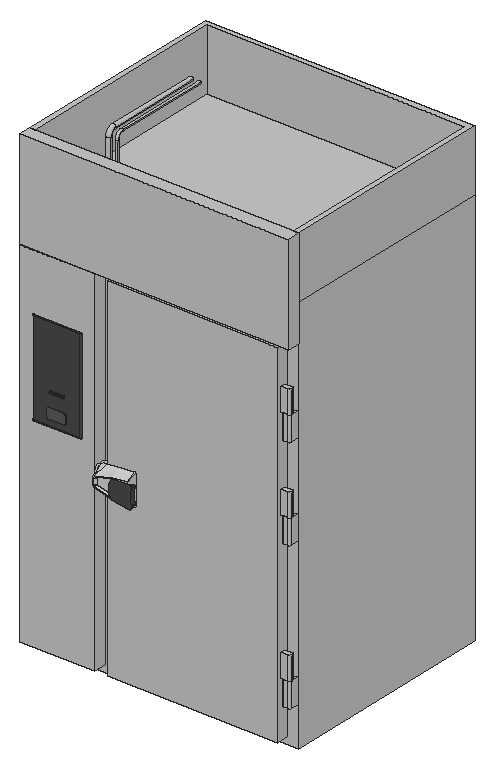
Revit family "QF_ALPENINOX_729262_ABFA22LRE", category Specialty Equipment, Revit 2018
Family settings
  Round Connector Dimension = Use Radius
  Part Type = Normal
  Work Plane-Based = No
  Always vertical = Yes
  Cut with Voids When Loaded = No
  Shared = Yes
  Room Calculation Point = No
Parameters (values of type "QF_ALPENINOX_729262_ABFA22LRE.rfa")
  Weight = 180.00 kg
  Watts = 209.032 W
  Volts = 380 V
  URL Manufacturer = "http://www.alpeninox.com"
  URL = "http://www.alpeninox.com"
  Steam Supply Size = 0"
  Steam Supply Minimum Pressure = 0.00 psi
  Steam Supply Maximum Pressure = 0.00 psi
  Steam Pounds per Hour = 0
  Show Logo [instance] = yes
  Refrigeration Suction Line Size = 0.03937"
  Refrigeration Liquid Line Size = 0.07218"
  Refrigerant Compressor Remote = yes
  Phase = 3
  Model = "ABFA22LRE"
  Manufacturer = "Alpeninox"
  Length Actual = 1400 mm  # constant formula
  Item Number = "729262"
  Hot Water Size = 0"
  Height Actual = 2400 mm  # constant formula
  HP = "3 HP"
  Gas Size = 0"
  Gas KW = 0
  Gas Input Pressure = 0.0 Btu/h
  Description = "CRIO CHILL BLAST CHILLER FREEZER 150/120KG 20 GN 2/1 - REMOTE REFRIGERATING UNIT"
  Depth Actual = 1266 mm  # constant formula
  Cycle = 60 Hz
  Condensate Return Size = 0"
  Compressed Air Volume = 0 GPM
  Compressed Air Size = 0"
  Compressed Air Pressure = 0.00 psi
  Cold Water Size = 0"
  Assembly Code = ""
  Show Clearance [instance] = yes
  Accessory = yes
Values of the unnamed type that differ from the named types
  Watts = 0 W
  Volts = 0 V
  URL Manufacturer = ""
  Item Number = ""
  HP = ""
  Cycle = 0 Hz
Reference planes
  plane 1 "BACK": y = 1
  plane 2: z = 0
  plane 3 "LEFT": x = 0
  plane 4 "RIGHT": x = 1400
  plane 5 "FRONT": y = -1205
  plane 6 "TOP": z = 2400
  plane 7 "Center Y": x = 700
  plane 8: y = -2155
  plane 9: y = -602
Forms (mm)
  Extrusion 1, solid, material "QF_Clearance", visible <- "Show Clearance", detail levels coarse
    sketch origin (0, 0, -70) x (1, 0, 0) y (0, 1, 0)
      loop
        line (0, -1205) -> (0, 1) -> (1400, 1) -> (1400, -1205) -> (1500, -1205) -> (1500, 101) -> (-100, 101) -> (-100, -1205) -> (0, -1205)
    from 70 to 2670
  Extrusion 2, solid, material "QF_Finishes_Stainless Steel"
    sketch origin (349.253, 33, 630.991) x (-1, 0, 0) y (0, -1, 0)
      loop
        line (349.253, 1172.759) -> (349.253, 1238) -> (-39.747, 1238) -> (-39.747, 1172.759) -> (349.253, 1172.759)
    from -597 to 1254
  Extrusion 3, solid, material "QF_Finishes_Stainless Steel"
    sketch origin (596.16, 27.971, -70) x (1, 0, 0) y (0, 1, 0)
      loop
        line (743.84, -1172.971) -> (-141.16, -1172.971) -> (-141.16, -1232.971) -> (743.84, -1232.971) -> (743.84, -1172.971)
    from 103.991 to 1945.25
  Extrusion 4, solid, material "QF_Door-Drawer Clearances", visible <- "Show Clearance", detail levels coarse
    sketch origin (875, -72.029, -91.802) x (-1, 0, 0) y (0, -1, 0)
      loop
        line (-465, 2025.971) -> (-465, 1132.971) -> (420, 1132.971)
        arc (420, 1132.971) -> (153.836, 1754.227) -> (-465, 2025.971) r 920
    from 125.793 to 1967.052
  Extrusion 5, solid, material "QF_Finishes_Stainless Steel"
    sketch origin (0, -1139.759, 0) x (0, 1, 0) y (-1, 0, 0)
      loop
        line (1140.759, 0) -> (0.759, 0) -> (0.759, -1400) -> (1140.759, -1400) -> (1140.759, 0)
    from 0 to 2080
  Extrusion 6, solid, material "QF_Finishes_Stainless Steel"
    sketch origin (0, 0, -70) x (0, 1, 0) y (0, 0, 1)
      loop
        line (-1139, 2470) -> (-1205, 2470) -> (-1205, 1956) -> (-1139, 1956) -> (-1139, 2470)
    from 0 to 1400
  Extrusion 7, solid, material "QF_Finishes_Stainless Steel"
    sketch origin (0, -1139.759, 2080) x (0, 1, 0) y (-1, 0, 0)
      loop
        line (1140.759, 0) -> (0.759, 0) -> (0.759, -27.807) -> (1112.952, -27.807) -> (1112.952, -1372.193) -> (0.759, -1372.193) -> (0.759, -1400) -> (1140.759, -1400) -> (1140.759, 0)
    from 0 to 320
  Extrusion 8, solid, material "QF_Clearance", visible <- "Show Clearance", detail levels coarse
    sketch origin (0, 0, 2400) x (-1, 0, 0) y (0, -1, 0)
      loop
        line (0, 1205) -> (-1400, 1205) -> (-1400, -1) -> (0, -1) -> (0, 1205)
    from 0 to 200
  Extrusion 9, solid, material "QF_Finishes_Stainless Steel"
    sketch origin (-390.239, -0.977, 1172.559) x (1, 0, 0) y (0, 1, 0)
      loop
        line (1730.239, -1159.557) -> (1730.239, -1186.759) -> (1771.078, -1186.759)
        arc (1771.078, -1186.759) -> (1778.149, -1183.83) -> (1781.078, -1176.759) r 10
        line (1781.078, -1176.759) -> (1781.078, -1169.557)
        arc (1781.078, -1169.557) -> (1778.149, -1162.486) -> (1771.078, -1159.557) r 10
        line (1771.078, -1159.557) -> (1730.239, -1159.557)
    from 398 to 516
  Extrusion 10, solid, material "QF_Finishes_Stainless Steel"
    sketch origin (-388.989, -0.977, 1172.559) x (1, 0, 0) y (0, 1, 0)
      loop
        line (1779.828, -1138.023) -> (1738.215, -1138.023) -> (1738.215, -1176.759)
        arc (1738.215, -1176.759) -> (1741.143, -1183.83) -> (1748.215, -1186.759) r 10
        line (1748.215, -1186.759) -> (1769.828, -1186.759)
        arc (1769.828, -1186.759) -> (1776.899, -1183.83) -> (1779.828, -1176.759) r 10
        line (1779.828, -1176.759) -> (1779.828, -1138.023)
    from 269 to 396
  Extrusion 11, solid, material "QF_Finishes_Handrails and Railings"
    sketch origin (0, -1205, -139.705) x (-1, 0, 0) y (0, 0, 1)
      loop
        arc (-455, 1022.346) -> (-433.392, 1027.289) -> (-413, 1035.976) r 124.815
        arc (-413, 1035.976) -> (-402.037, 1046.425) -> (-398, 1061.023) r 28.412
        line (-398, 1061.023) -> (-398, 1124.287)
        arc (-398, 1124.287) -> (-402.037, 1138.885) -> (-413, 1149.334) r 28.412
        arc (-413, 1149.334) -> (-433.392, 1158.021) -> (-455, 1162.964) r 124.815
        line (-455, 1162.964) -> (-455, 1022.346)
    from 0 to 25
  Extrusion 12, solid, material "QF_Finishes_Stainless Steel"
    sketch origin (0, 1, -70) x (1, 0, 0) y (0, 0, 1)
      loop
        circle (50.191, 2279.706) r 10
    from -2 to 0
  Extrusion 13, solid
    sketch origin (0, 0, -70) x (1, 0, 0) y (0, 1, 0)
      loop
        circle (271, -895) r 12.7
    from 180 to 190
  Sweep 14, solid, material "QF_Finishes_Stainless Steel"
    path in 3D
      loop
        line (196, -872.727, 2090) -> (196, -872.727, 2314.785)
        arc (196, -872.727, 2314.785) -> (196, -863.94, 2335.999) -> (196, -842.727, 2344.785) r 30
        line (196, -842.727, 2344.785) -> (196, -337, 2344.785)
    profile origin (196, -589.864, 2344.785) x (-1, 0, 0) y (0, 0, 1)
      loop
        circle (0, -0.785) r 11
  Sweep 15, solid, material "QF_Finishes_Stainless Steel"
    path in 3D
      loop
        line (239, -337, 2344) -> (239, -842.727, 2344)
        arc (239, -842.727, 2344) -> (239, -863.94, 2335.213) -> (239, -872.727, 2314) r 30
        line (239, -872.727, 2314) -> (239, -872.727, 2090)
    profile origin (239, -589.864, 2344) x (1, 0, 0) y (0, 0, 1)
      loop
        circle (0, 0) r 6
  Extrusion 16, solid, material "QF_Finishes_Stainless Steel"
    sketch origin (0, -1139.759, 2080) x (0, 1, 0) y (-1, 0, 0)
      loop
        line (272.791, -163.68) -> (262.791, -163.68)
        arc (262.791, -163.68) -> (252.185, -168.074) -> (247.791, -178.68) r 15
        line (247.791, -178.68) -> (247.791, -270.358)
        arc (247.791, -270.358) -> (252.185, -280.965) -> (262.791, -285.358) r 15
        line (262.791, -285.358) -> (272.791, -285.358)
        arc (272.791, -285.358) -> (283.398, -280.965) -> (287.791, -270.358) r 15
        line (287.791, -270.358) -> (287.791, -178.68)
        arc (287.791, -178.68) -> (283.398, -168.074) -> (272.791, -163.68) r 15
    from 0 to 10
  Blend 17, solid, material "QF_Finishes_Handrails and Railings"
    base sketch origin (0, -1205, -139.705) x (1, 0, 0) y (0, 0, 1)
      loop
        arc (455, 1162.964) -> (433.392, 1158.021) -> (413, 1149.334) r 124.815
        arc (413, 1149.334) -> (402.037, 1138.885) -> (398, 1124.287) r 28.412
        line (398, 1124.287) -> (398, 1061.023)
        arc (398, 1061.023) -> (402.037, 1046.425) -> (413, 1035.976) r 28.412
        arc (413, 1035.976) -> (433.392, 1027.289) -> (455, 1022.346) r 124.815
        arc (455, 1022.346) -> (524.77, 1014.896) -> (594.859, 1011.587) r 1185.63
        arc (594.859, 1011.587) -> (600.607, 1013.879) -> (603, 1019.586) r 8
        line (603, 1019.586) -> (603, 1165.724)
        arc (603, 1165.724) -> (600.607, 1171.431) -> (594.859, 1173.723) r 8
        arc (594.859, 1173.723) -> (524.77, 1170.414) -> (455, 1162.964) r 1185.63
    top sketch origin (0, -1205, -139.705) x (1, 0, 0) y (0, 0, 1)
      loop
        line (421, 1108.337) -> (421, 1076.973)
        arc (421, 1076.973) -> (423.295, 1069.915) -> (429.302, 1065.557) r 12
        arc (429.302, 1065.557) -> (515.086, 1044.22) -> (603, 1034.974) r 636.459
        line (603, 1034.974) -> (603, 1150.336)
        arc (603, 1150.336) -> (515.086, 1141.09) -> (429.302, 1119.753) r 636.459
        arc (429.302, 1119.753) -> (423.295, 1115.395) -> (421, 1108.337) r 12
    from 0 to 50
  Blend 18, void
    base sketch origin (0, -1255, -139.705) x (-1, 0, 0) y (0, 0, 1)
      loop
        arc (-430.843, 1114.996) -> (-515.866, 1136.151) -> (-603, 1145.333) r 631.459
        line (-603, 1145.333) -> (-603, 1039.977)
        arc (-603, 1039.977) -> (-515.866, 1049.159) -> (-430.843, 1070.314) r 631.459
        arc (-430.843, 1070.314) -> (-427.339, 1072.856) -> (-426, 1076.973) r 7
        line (-426, 1076.973) -> (-426, 1108.337)
        arc (-426, 1108.337) -> (-427.339, 1112.454) -> (-430.843, 1114.996) r 7
    top sketch origin (0, -1255, -139.705) x (-1, 0, 0) y (0, 0, 1)
      loop
        arc (-432.384, 1110.24) -> (-516.647, 1131.211) -> (-603, 1140.33) r 626.459
        line (-603, 1140.33) -> (-603, 1044.98)
        arc (-603, 1044.98) -> (-516.647, 1054.099) -> (-432.384, 1075.07) r 626.459
        arc (-432.384, 1075.07) -> (-431.382, 1075.797) -> (-431, 1076.973) r 2
        line (-431, 1076.973) -> (-431, 1108.337)
        arc (-431, 1108.337) -> (-431.382, 1109.513) -> (-432.384, 1110.24) r 2
    from 0 to 10
  Blend 19, solid, material "QF_Finishes_Black"
    base sketch origin (0, -1245, -139.705) x (1, 0, 0) y (0, 0, 1)
      loop
        arc (628.567, 1043.419) -> (622.014, 1092.655) -> (628.567, 1141.89) r 188.232
        arc (628.567, 1141.89) -> (627.358, 1147.991) -> (621.77, 1150.721) r 7
        arc (621.77, 1150.721) -> (572.304, 1148.509) -> (523.16, 1142.458) r 636.459
        arc (523.16, 1142.458) -> (507.711, 1092.655) -> (523.16, 1042.852) r 88
        arc (523.16, 1042.852) -> (572.304, 1036.801) -> (621.77, 1034.589) r 636.459
        arc (621.77, 1034.589) -> (627.358, 1037.319) -> (628.567, 1043.419) r 7
    top sketch origin (0, -1245, -139.705) x (1, 0, 0) y (0, 0, 1)
      loop
        arc (626.748, 1050.703) -> (622.014, 1092.655) -> (626.748, 1134.607) r 188.232
        arc (626.748, 1134.607) -> (625.775, 1138.85) -> (621.845, 1140.722) r 5
        arc (621.845, 1140.722) -> (569.023, 1138.185) -> (516.603, 1131.203) r 626.459
        arc (516.603, 1131.203) -> (507.711, 1092.655) -> (516.603, 1054.107) r 88
        arc (516.603, 1054.107) -> (569.023, 1047.124) -> (621.845, 1044.588) r 626.459
        arc (621.845, 1044.588) -> (625.775, 1046.46) -> (626.748, 1050.703) r 5
    from 20 to 0
  Extrusion 20, solid, material "QF_Finishes_Stainless Steel"
    sketch origin (-390.239, -0.977, 692.559) x (1, 0, 0) y (0, 1, 0)
      loop
        line (1730.239, -1159.557) -> (1730.239, -1186.759) -> (1771.078, -1186.759)
        arc (1771.078, -1186.759) -> (1778.149, -1183.83) -> (1781.078, -1176.759) r 10
        line (1781.078, -1176.759) -> (1781.078, -1169.557)
        arc (1781.078, -1169.557) -> (1778.149, -1162.486) -> (1771.078, -1159.557) r 10
        line (1771.078, -1159.557) -> (1730.239, -1159.557)
    from 398 to 516
  Extrusion 21, solid, material "QF_Finishes_Stainless Steel"
    sketch origin (-388.989, -0.977, 692.559) x (1, 0, 0) y (0, 1, 0)
      loop
        line (1779.828, -1138.023) -> (1738.215, -1138.023) -> (1738.215, -1176.759)
        arc (1738.215, -1176.759) -> (1741.143, -1183.83) -> (1748.215, -1186.759) r 10
        line (1748.215, -1186.759) -> (1769.828, -1186.759)
        arc (1769.828, -1186.759) -> (1776.899, -1183.83) -> (1779.828, -1176.759) r 10
        line (1779.828, -1176.759) -> (1779.828, -1138.023)
    from 269 to 396
  Extrusion 22, solid, material "QF_Finishes_Stainless Steel"
    sketch origin (-390.239, -0.977, -67.441) x (1, 0, 0) y (0, 1, 0)
      loop
        line (1730.239, -1159.557) -> (1730.239, -1186.759) -> (1771.078, -1186.759)
        arc (1771.078, -1186.759) -> (1778.149, -1183.83) -> (1781.078, -1176.759) r 10
        line (1781.078, -1176.759) -> (1781.078, -1169.557)
        arc (1781.078, -1169.557) -> (1778.149, -1162.486) -> (1771.078, -1159.557) r 10
        line (1771.078, -1159.557) -> (1730.239, -1159.557)
    from 398 to 516
  Extrusion 23, solid, material "QF_Finishes_Stainless Steel"
    sketch origin (-388.989, -0.977, -67.441) x (1, 0, 0) y (0, 1, 0)
      loop
        line (1779.828, -1138.023) -> (1738.215, -1138.023) -> (1738.215, -1176.759)
        arc (1738.215, -1176.759) -> (1741.143, -1183.83) -> (1748.215, -1186.759) r 10
        line (1748.215, -1186.759) -> (1769.828, -1186.759)
        arc (1769.828, -1186.759) -> (1776.899, -1183.83) -> (1779.828, -1176.759) r 10
        line (1779.828, -1176.759) -> (1779.828, -1138.023)
    from 269 to 396
  Extrusion 24, solid, material "QF_Door-Drawer Clearances", visible <- "Show Clearance", detail levels coarse
    sketch origin (167.029, -1956.84, -70) x (0, 1, 0) y (-1, 0, 0)
      loop
        line (751.84, -1172.971) -> (-141.16, -1172.971) -> (-141.16, -1232.971) -> (751.84, -1232.971) -> (751.84, -1172.971)
    from 103.991 to 1945.25
  Extrusion 25, solid, material "QF_Door-Drawer Clearances", visible <- "Show Clearance", detail levels coarse
    sketch origin (1400, -2553, -139.705) x (0, -1, 0) y (0, 0, 1)
      loop
        arc (-455, 1022.346) -> (-433.392, 1027.289) -> (-413, 1035.976) r 124.815
        arc (-413, 1035.976) -> (-402.037, 1046.425) -> (-398, 1061.023) r 28.412
        line (-398, 1061.023) -> (-398, 1124.287)
        arc (-398, 1124.287) -> (-402.037, 1138.885) -> (-413, 1149.334) r 28.412
        arc (-413, 1149.334) -> (-433.392, 1158.021) -> (-455, 1162.964) r 124.815
        line (-455, 1162.964) -> (-455, 1022.346)
    from 0 to 25
  Blend 26, solid, material "QF_Door-Drawer Clearances", visible <- "Show Clearance", detail levels coarse
    base sketch origin (1400, -2553, -139.705) x (0, 1, 0) y (0, 0, 1)
      loop
        arc (455, 1162.964) -> (433.392, 1158.021) -> (413, 1149.334) r 124.815
        arc (413, 1149.334) -> (402.037, 1138.885) -> (398, 1124.287) r 28.412
        line (398, 1124.287) -> (398, 1061.023)
        arc (398, 1061.023) -> (402.037, 1046.425) -> (413, 1035.976) r 28.412
        arc (413, 1035.976) -> (433.392, 1027.289) -> (455, 1022.346) r 124.815
        arc (455, 1022.346) -> (524.77, 1014.896) -> (594.859, 1011.587) r 1185.63
        arc (594.859, 1011.587) -> (600.607, 1013.879) -> (603, 1019.586) r 8
        line (603, 1019.586) -> (603, 1165.724)
        arc (603, 1165.724) -> (600.607, 1171.431) -> (594.859, 1173.723) r 8
        arc (594.859, 1173.723) -> (524.77, 1170.414) -> (455, 1162.964) r 1185.63
    top sketch origin (1400, -2553, -139.705) x (0, 1, 0) y (0, 0, 1)
      loop
        line (421, 1108.337) -> (421, 1076.973)
        arc (421, 1076.973) -> (423.295, 1069.915) -> (429.302, 1065.557) r 12
        arc (429.302, 1065.557) -> (515.086, 1044.22) -> (603, 1034.974) r 636.459
        line (603, 1034.974) -> (603, 1150.336)
        arc (603, 1150.336) -> (515.086, 1141.09) -> (429.302, 1119.753) r 636.459
        arc (429.302, 1119.753) -> (423.295, 1115.395) -> (421, 1108.337) r 12
    from 0 to 50
  Blend 27, void
    base sketch origin (1450, -2553, -139.705) x (0, -1, 0) y (0, 0, 1)
      loop
        arc (-430.843, 1114.996) -> (-515.866, 1136.151) -> (-603, 1145.333) r 631.459
        line (-603, 1145.333) -> (-603, 1039.977)
        arc (-603, 1039.977) -> (-515.866, 1049.159) -> (-430.843, 1070.314) r 631.459
        arc (-430.843, 1070.314) -> (-427.339, 1072.856) -> (-426, 1076.973) r 7
        line (-426, 1076.973) -> (-426, 1108.337)
        arc (-426, 1108.337) -> (-427.339, 1112.454) -> (-430.843, 1114.996) r 7
    top sketch origin (1450, -2553, -139.705) x (0, -1, 0) y (0, 0, 1)
      loop
        arc (-432.384, 1110.24) -> (-516.647, 1131.211) -> (-603, 1140.33) r 626.459
        line (-603, 1140.33) -> (-603, 1044.98)
        arc (-603, 1044.98) -> (-516.647, 1054.099) -> (-432.384, 1075.07) r 626.459
        arc (-432.384, 1075.07) -> (-431.382, 1075.797) -> (-431, 1076.973) r 2
        line (-431, 1076.973) -> (-431, 1108.337)
        arc (-431, 1108.337) -> (-431.382, 1109.513) -> (-432.384, 1110.24) r 2
    from 0 to 10
  Blend 28, solid, material "QF_Door-Drawer Clearances", visible <- "Show Clearance", detail levels coarse
    base sketch origin (1440, -2553, -139.705) x (0, 1, 0) y (0, 0, 1)
      loop
        arc (628.567, 1043.419) -> (622.014, 1092.655) -> (628.567, 1141.89) r 188.232
        arc (628.567, 1141.89) -> (627.358, 1147.991) -> (621.77, 1150.721) r 7
        arc (621.77, 1150.721) -> (572.304, 1148.509) -> (523.16, 1142.458) r 636.459
        arc (523.16, 1142.458) -> (507.711, 1092.655) -> (523.16, 1042.852) r 88
        arc (523.16, 1042.852) -> (572.304, 1036.801) -> (621.77, 1034.589) r 636.459
        arc (621.77, 1034.589) -> (627.358, 1037.319) -> (628.567, 1043.419) r 7
    top sketch origin (1440, -2553, -139.705) x (0, 1, 0) y (0, 0, 1)
      loop
        arc (626.748, 1050.703) -> (622.014, 1092.655) -> (626.748, 1134.607) r 188.232
        arc (626.748, 1134.607) -> (625.775, 1138.85) -> (621.845, 1140.722) r 5
        arc (621.845, 1140.722) -> (569.023, 1138.185) -> (516.603, 1131.203) r 626.459
        arc (516.603, 1131.203) -> (507.711, 1092.655) -> (516.603, 1054.107) r 88
        arc (516.603, 1054.107) -> (569.023, 1047.124) -> (621.845, 1044.588) r 626.459
        arc (621.845, 1044.588) -> (625.775, 1046.46) -> (626.748, 1050.703) r 5
    from 20 to -1
Cuts and joins
  Blend 18 cuts Blend 17
  joined: Extrusion 11, Blend 17
  Blend 18 cuts Extrusion 4
  Blend 27 cuts Blend 26
  Blend 27 cuts Blend 28
  joined: Extrusion 4, Extrusion 24, Extrusion 25, Blend 26, Blend 28
  joined: Extrusion 7, Extrusion 12
  joined: Extrusion 5, Extrusion 10, Sweep 14, Sweep 15, Extrusion 16, Extrusion 21, Extrusion 23
  joined: Extrusion 3, Extrusion 9, Extrusion 20, Extrusion 22
  joined: Extrusion 1, Extrusion 8
Lines and regions (mm)
  symbolic lines, style "QF-Clearances", visible <- "Show Clearance", detail levels coarse
    curve 1: line (-100, -1204.241, 70) -> (-100, 101, 70)
    curve 2: line (-100, 101, 70) -> (1500, 101, 70)
    curve 3: line (1500, 101, 70) -> (1500, -1204.241, 70)
  symbolic lines
    curve 4: line (185, -336.968, 70) -> (207, -336.968, 70)
    curve 5: line (207, -336.968, 70) -> (207, -871.942, 70)
    curve 6: line (233, -872.727, 70) -> (233, -337, 70)
    curve 7: line (233, -337, 70) -> (245, -337, 70)
    curve 8: line (245, -337, 70) -> (245, -872.727, 70)
    curve 9: line (245, -851.968, 70) -> (270.358, -851.968, 70)
    curve 10: arc (285.358, -866.968, 70) -> (280.965, -856.361, 70) -> (270.358, -851.968, 70) r 15
    curve 11: line (285.358, -876.968, 70) -> (285.358, -866.968, 70)
    curve 12: arc (270.358, -891.968, 70) -> (280.965, -887.575, 70) -> (285.358, -876.968, 70) r 15
    curve 13: line (178.68, -891.968, 70) -> (270.358, -891.968, 70)
    curve 14: arc (163.68, -876.968, 70) -> (168.074, -887.575, 70) -> (178.68, -891.968, 70) r 15
    curve 15: line (163.68, -866.968, 70) -> (163.68, -876.968, 70)
    curve 16: arc (178.68, -851.968, 70) -> (168.074, -856.361, 70) -> (163.68, -866.968, 70) r 15
    curve 17: arc (207, -871.942, 70) -> (196, -882.942, 70) -> (185, -871.942, 70) r 11
    curve 18: arc (233, -872.727, 70) -> (239, -878.727, 70) -> (245, -872.727, 70) r 6
    curve 19: line (178.68, -851.968, 70) -> (185, -851.968, 70)
    curve 20: line (185, -336.968, 70) -> (185, -871.942, 70)
    curve 21: line (207, -851.968, 70) -> (233, -851.968, 70)
    curve 22: line (0, 1, 70) -> (1400, 1, 70)
    curve 23: line (0, -1205, 70) -> (0, 1, 70)
    curve 24: line (1400, -1205, 70) -> (0, -1205, 70)
    curve 25: line (1400, 1, 70) -> (1400, -1205, 70)
    curve 26: line (27.807, -26.807, 70) -> (1372.193, -26.807, 70)
    curve 27: line (27.807, -1139, 70) -> (27.807, -26.807, 70)
    curve 28: line (1400, -1139, 70) -> (0, -1139, 70)
    curve 29: line (1372.193, -26.807, 70) -> (1372.193, -1139, 70)
    curve 30: line (75.5, -1210, 70) -> (313.5, -1210, 70)
    curve 31: line (75.5, -1210, 70) -> (67.5, -1205, 70)
    curve 32: line (313.5, -1210, 70) -> (321.5, -1205, 70)
    curve 33: line (421, -1255, 70) -> (398, -1205, 70)
    curve 34: line (421, -1255, 70) -> (603, -1255, 70)
    curve 35: line (603, -1255, 70) -> (603, -1205, 70)
    curve 36: line (603, -1245, 70) -> (626.748, -1245, 70)
    curve 37: line (626.748, -1245, 70) -> (628.811, -1265, 70)
    curve 38: line (628.811, -1265, 70) -> (507.711, -1265, 70)
    curve 39: line (507.711, -1265, 70) -> (507.711, -1255, 70)
  symbolic lines, style "QF_Door-Drawer Clearances", visible <- "Show Clearance"
    curve 40: line (1450, -2132, 70) -> (1400, -2155, 70)
    curve 41: line (1450, -2132, 70) -> (1450, -1950, 70)
    curve 42: line (1450, -1950, 70) -> (1400, -1950, 70)
    curve 43: line (1439, -1950, 70) -> (1439, -1926.126, 70)
    curve 44: line (1439, -1926.126, 70) -> (1460, -1924.189, 70)
    curve 45: line (1460, -1924.189, 70) -> (1460, -2045.289, 70)
    curve 46: line (1460, -2045.289, 70) -> (1450, -2045.289, 70)
    curve 47: line (1375, -2098, 70) -> (1375, -2155, 70)
    curve 48: line (1340, -2098, 70) -> (1400, -2098, 70)
    curve 49: arc (457.796, -1255, 70) -> (739.031, -1843.801, 70) -> (1340, -2098, 70) r 920
    curve 50: line (1400, -2155, 70) -> (1375, -2155, 70)
    curve 51: line (1400, -2098, 70) -> (1400, -1205, 70)
    curve 58: line (1340, -2098, 70) -> (1340, -1205, 70)
  sketch lines
    curve 52: line (196, -842.727, 2344.785) -> (196, -337, 2344.785)
    curve 53: arc (196, -872.727, 2314.785) -> (196, -863.94, 2335.999) -> (196, -842.727, 2344.785) r 30
    curve 54: line (196, -872.727, 2090) -> (196, -872.727, 2314.785)
    curve 55: line (239, -337, 2344) -> (239, -842.727, 2344)
    curve 56: arc (239, -842.727, 2344) -> (239, -863.94, 2335.213) -> (239, -872.727, 2314) r 30
    curve 57: line (239, -872.727, 2314) -> (239, -872.727, 2090)
Dimensions and locks
  plane 5 "FRONT" to plane 1 "BACK" = 1206 mm
  plane 6 "TOP" to level = 2400 mm
  plane 4 "RIGHT" to plane 3 "LEFT" = 1400 mm
  plane 3 "LEFT" to plane 4 "RIGHT" = 1400 mm
  equal spacing: plane 3 "LEFT", plane 7 "Center Y", plane 4 "RIGHT"
  plane 1 "BACK" to plane 5 "FRONT" = 1206 mm
  aligned and locked: level to plane 2
Automatic sketch dimensions
  plane 5 "FRONT" to Extrusion 1 sketch curve = 0 mm  (x2)
  Extrusion 1 sketch curve to plane 3 "LEFT" = 0 mm
  plane 1 "BACK" to Extrusion 1 sketch curve = 0 mm
  Extrusion 1 sketch curve to plane 4 "RIGHT" = 0 mm
  Extrusion 1 sketch curve to plane 3 "LEFT" = 100 mm
  plane 4 "RIGHT" to Extrusion 1 sketch curve = 100 mm
  Extrusion 1 sketch curve to plane 1 "BACK" = 100 mm
  plane 5 "FRONT" to Extrusion 2 sketch curve = 0 mm
  Extrusion 2 sketch curve to plane 3 "LEFT" = 0 mm
  Extrusion 2 sketch curve to plane 5 "FRONT" = 65.241 mm
  plane 5 "FRONT" to Extrusion 3 sketch curve = 0 mm
  Extrusion 3 sketch curve to plane 5 "FRONT" = 60 mm
  Extrusion 3 sketch curve to plane 4 "RIGHT" = 60 mm
  plane 5 "FRONT" to Extrusion 4 sketch curve = 0 mm
  Extrusion 4 sketch curve to plane 4 "RIGHT" = 25.377 mm
  Extrusion 4 sketch curve to Extrusion 4 sketch curve = 34.623 mm
  Extrusion 4 sketch curve to plane 5 "FRONT" = 26.348 mm
  Extrusion 5 sketch curve to plane 3 "LEFT" = 0 mm
  Extrusion 5 sketch curve to plane 4 "RIGHT" = 0 mm
  plane 1 "BACK" to Extrusion 5 sketch curve = 0 mm
  Extrusion 5 sketch curve to plane 5 "FRONT" = 66 mm
  Extrusion 6 sketch curve to plane 5 "FRONT" = 0 mm
  Extrusion 6 sketch curve to plane 5 "FRONT" = 66 mm
  Extrusion 6 sketch curve to plane 6 "TOP" = 514 mm
  plane 6 "TOP" to Extrusion 6 sketch curve = 0 mm
  Extrusion 5 to Extrusion 7 sketch curve = 0 mm
  Extrusion 7 sketch curve to Extrusion 5 = 0 mm  (x4)
  Extrusion 7 sketch curve to Extrusion 5 = 27.807 mm  (x3)
  Extrusion 8 sketch curve to plane 4 "RIGHT" = 0 mm
  plane 1 "BACK" to Extrusion 8 sketch curve = 0 mm
  Extrusion 8 sketch curve to plane 3 "LEFT" = 0 mm
  plane 5 "FRONT" to Extrusion 8 sketch curve = 0 mm
  Extrusion 9 sketch curve to plane 5 "FRONT" = 17.264 mm
  Extrusion 9 sketch curve to plane 4 "RIGHT" = 60 mm
  Extrusion 9 sketch curve to plane 4 "RIGHT" = 19.161 mm
  Extrusion 9 sketch curve to Extrusion 9 sketch curve = 0 mm
  Extrusion 9 sketch curve to plane 4 "RIGHT" = 9.161 mm
  Extrusion 9 sketch curve to Extrusion 9 sketch curve = 7.202 mm
  Extrusion 10 sketch curve to plane 5 "FRONT" = 27.264 mm
  Extrusion 10 sketch curve to plane 4 "RIGHT" = 50.775 mm
  Extrusion 10 sketch curve to Extrusion 10 sketch curve = 10 mm
  Extrusion 10 sketch curve to plane 4 "RIGHT" = 19.161 mm
  Extrusion 10 sketch curve to plane 4 "RIGHT" = 9.161 mm
  Extrusion 10 sketch curve to Extrusion 10 sketch curve = 38.736 mm
  plane 7 "Center Y" to Extrusion 11 sketch curve = 228.081 mm
  Extrusion 11 sketch curve to Extrusion 11 sketch curve = 0 mm
  Extrusion 11 sketch curve to Extrusion 11 sketch curve = 16.919 mm
  Extrusion 11 sketch curve to Extrusion 11 sketch curve = 28.588 mm  (x2)
  Extrusion 11 sketch curve to Extrusion 11 sketch curve = 28.412 mm
  level to Extrusion 11 sketch curve = 882.641 mm
  Extrusion 11 sketch curve to Extrusion 11 sketch curve = 16.954 mm  (x2)
  Extrusion 11 sketch curve to Extrusion 11 sketch curve = 38.676 mm
  Extrusion 11 sketch curve to Extrusion 11 sketch curve = 63.265 mm
  Extrusion 11 sketch curve to Extrusion 11 sketch curve = 21.722 mm
  plane 3 "LEFT" to Extrusion 12 sketch curve = 50.191 mm
  Extrusion 12 sketch curve to plane 6 "TOP" = 190.294 mm
  Extrusion 13 sketch curve to plane 9 = 293 mm
  Sweep 14 sketch curve to profile plane = 0 mm
  Sweep 14 sketch curve to profile plane = 0.785 mm
  profile plane to Sweep 15 sketch curve = 0 mm
  Sweep 15 sketch curve to profile plane = 0 mm
  Extrusion 16 sketch curve to Extrusion 5 = 247.032 mm
  Extrusion 16 sketch curve to Extrusion 16 sketch curve = 15 mm  (x3)
  Extrusion 16 sketch curve to Extrusion 16 sketch curve = 10 mm  (x2)
  Extrusion 16 sketch curve to Extrusion 5 = 285.358 mm
  Extrusion 16 sketch curve to Extrusion 16 sketch curve = 91.678 mm
  Blend 17 sketch curve to Extrusion 11 = 0 mm  (x4)
  Blend 17 sketch curve to Extrusion 11 = 28.412 mm
  Blend 17 sketch curve to Blend 17 sketch curve = 123.081 mm  (x2)
  Blend 17 sketch curve to Blend 17 sketch curve = 8 mm
  Extrusion 11 to Blend 17 sketch curve = 160.712 mm  (x2)
  Blend 17 sketch curve to Blend 17 sketch curve = 19.715 mm  (x2)
  Blend 17 sketch curve to Blend 17 sketch curve = 38.676 mm
  Blend 17 sketch curve to Extrusion 11 = 23 mm
  Blend 17 sketch curve to Blend 17 sketch curve = 12 mm  (x2)
  Extrusion 11 to Blend 17 sketch curve = 148 mm
  Extrusion 11 to Blend 17 sketch curve = 170.45 mm  (x2)
  Blend 17 sketch curve to Blend 17 sketch curve = 520.701 mm  (x2)
  Blend 17 sketch curve to Blend 17 sketch curve = 41.999 mm
  Blend 17 sketch curve to Blend 17 sketch curve = 31.364 mm
  Blend 17 sketch curve to Blend 17 sketch curve = 115.362 mm
  Blend 17 to Blend 18 sketch curve = 0 mm  (x2)
  Blend 18 sketch curve to Blend 18 sketch curve = 7 mm
  Blend 18 sketch curve to Blend 18 sketch curve = 31.364 mm  (x2)
  Blend 18 sketch curve to Blend 18 sketch curve = 2 mm
  Blend 18 to Blend 19 sketch curve = 18.811 mm  (x2)
  Blend 19 sketch curve to Blend 18 = 7.289 mm  (x2)
  Blend 19 sketch curve to Blend 19 sketch curve = 188.435 mm
  Blend 19 sketch curve to Blend 19 sketch curve = 7 mm  (x2)
  Blend 19 sketch curve to Blend 19 sketch curve = 51.066 mm  (x2)
  Blend 19 sketch curve to Blend 19 sketch curve = 0 mm  (x6)
  Blend 19 sketch curve to Blend 18 = 79.84 mm
  Blend 18 to Blend 19 sketch curve = 18.874 mm  (x2)
  Blend 19 sketch curve to Blend 19 sketch curve = 188.371 mm
  Blend 19 sketch curve to Blend 19 sketch curve = 5 mm  (x2)
  Blend 19 sketch curve to Blend 19 sketch curve = 43.067 mm  (x2)
  Blend 19 sketch curve to Blend 18 = 85.603 mm
  Extrusion 20 sketch curve to plane 5 "FRONT" = 17.264 mm
  Extrusion 20 sketch curve to plane 4 "RIGHT" = 60 mm
  Extrusion 20 sketch curve to plane 4 "RIGHT" = 19.161 mm
  Extrusion 20 sketch curve to Extrusion 20 sketch curve = 0 mm
  Extrusion 20 sketch curve to plane 4 "RIGHT" = 9.161 mm
  Extrusion 20 sketch curve to Extrusion 20 sketch curve = 7.202 mm
  Extrusion 21 sketch curve to plane 5 "FRONT" = 27.264 mm
  Extrusion 21 sketch curve to plane 4 "RIGHT" = 50.775 mm
  Extrusion 21 sketch curve to Extrusion 21 sketch curve = 10 mm
  Extrusion 21 sketch curve to plane 4 "RIGHT" = 19.161 mm
  Extrusion 21 sketch curve to plane 4 "RIGHT" = 9.161 mm
  Extrusion 21 sketch curve to Extrusion 21 sketch curve = 38.736 mm
  Extrusion 22 sketch curve to plane 5 "FRONT" = 17.264 mm
  Extrusion 22 sketch curve to plane 4 "RIGHT" = 60 mm
  Extrusion 22 sketch curve to plane 4 "RIGHT" = 19.161 mm
  Extrusion 22 sketch curve to Extrusion 22 sketch curve = 0 mm
  Extrusion 22 sketch curve to plane 4 "RIGHT" = 9.161 mm
  Extrusion 22 sketch curve to Extrusion 22 sketch curve = 7.202 mm
  Extrusion 23 sketch curve to plane 5 "FRONT" = 27.264 mm
  Extrusion 23 sketch curve to plane 4 "RIGHT" = 50.775 mm
  Extrusion 23 sketch curve to Extrusion 23 sketch curve = 10 mm
  Extrusion 23 sketch curve to plane 4 "RIGHT" = 19.161 mm
  Extrusion 23 sketch curve to plane 4 "RIGHT" = 9.161 mm
  Extrusion 23 sketch curve to Extrusion 23 sketch curve = 38.736 mm
  Extrusion 24 sketch curve to plane 4 "RIGHT" = 0 mm
  plane 5 "FRONT" to Extrusion 24 sketch curve = 0 mm
  Extrusion 24 sketch curve to plane 8 = 57 mm
  Extrusion 24 sketch curve to plane 4 "RIGHT" = 60 mm
  Extrusion 25 sketch curve to plane 8 = 0 mm
  Extrusion 25 sketch curve to Extrusion 25 sketch curve = 28.412 mm  (x2)
  Extrusion 25 sketch curve to Extrusion 25 sketch curve = 28.588 mm
  Extrusion 25 sketch curve to Extrusion 25 sketch curve = 16.919 mm  (x2)
  level to Extrusion 25 sketch curve = 882.641 mm
  Extrusion 25 sketch curve to Extrusion 25 sketch curve = 16.954 mm  (x2)
  Extrusion 25 sketch curve to Extrusion 25 sketch curve = 38.676 mm
  Extrusion 25 sketch curve to Extrusion 25 sketch curve = 63.265 mm
  Extrusion 25 sketch curve to Extrusion 25 sketch curve = 21.722 mm
  Blend 26 sketch curve to Extrusion 25 = 0 mm  (x4)
  Blend 26 sketch curve to Extrusion 25 = 28.412 mm
  Blend 26 sketch curve to Blend 26 sketch curve = 123.081 mm  (x2)
  Blend 26 sketch curve to Blend 26 sketch curve = 8 mm
  Extrusion 25 to Blend 26 sketch curve = 160.712 mm  (x2)
  Blend 26 sketch curve to Blend 26 sketch curve = 19.715 mm  (x2)
  Blend 26 sketch curve to Blend 26 sketch curve = 38.676 mm
  Blend 26 sketch curve to Extrusion 25 = 23 mm
  Blend 26 sketch curve to Blend 26 sketch curve = 12 mm  (x2)
  Extrusion 25 to Blend 26 sketch curve = 148 mm
  Extrusion 25 to Blend 26 sketch curve = 170.45 mm  (x2)
  Blend 26 sketch curve to Blend 26 sketch curve = 520.701 mm  (x2)
  Blend 26 sketch curve to Blend 26 sketch curve = 41.999 mm
  Blend 26 sketch curve to Blend 26 sketch curve = 31.364 mm
  Blend 26 sketch curve to Blend 26 sketch curve = 115.362 mm
  Blend 27 sketch curve to Blend 26 = 0 mm  (x2)
  Blend 27 sketch curve to Blend 27 sketch curve = 7 mm
  Blend 27 sketch curve to Blend 27 sketch curve = 31.364 mm  (x2)
  Blend 27 sketch curve to Blend 27 sketch curve = 2 mm
  Blend 27 to Blend 28 sketch curve = 18.811 mm  (x2)
  Blend 28 sketch curve to Blend 27 = 7.289 mm  (x2)
  Blend 28 sketch curve to Blend 28 sketch curve = 188.435 mm
  Blend 28 sketch curve to Blend 28 sketch curve = 7 mm  (x2)
  Blend 28 sketch curve to Blend 28 sketch curve = 51.066 mm  (x2)
  Blend 28 sketch curve to Blend 28 sketch curve = 0 mm  (x6)
  Blend 28 sketch curve to Blend 27 = 79.84 mm
  Blend 27 to Blend 28 sketch curve = 18.874 mm  (x2)
  Blend 28 sketch curve to Blend 28 sketch curve = 188.371 mm
  Blend 28 sketch curve to Blend 28 sketch curve = 5 mm  (x2)
  Blend 28 sketch curve to Blend 28 sketch curve = 43.067 mm  (x2)
  Blend 28 sketch curve to Blend 27 = 85.603 mm
  plane 7 "Center Y" to Extrusion 2 sketch curve = 311 mm
  plane 7 "Center Y" to Extrusion 3 sketch curve = 245 mm
  plane 7 "Center Y" to Extrusion 4 sketch curve = 245 mm
  plane 3 "LEFT" to Extrusion 13 sketch curve = 271 mm
  plane 8 to curve 47 = 0 mm
  curve 42 to plane 4 "RIGHT" = 0 mm
  plane 5 "FRONT" to curve 33 = 0 mm
  curve 28 to plane 3 "LEFT" = 0 mm
  plane 1 "BACK" to curve 22 = 0 mm
  curve 50 to plane 4 "RIGHT" = 0 mm
  curve 41 to plane 8 = 23 mm
  curve 48 to plane 8 = 57 mm
  curve 48 to curve 46 = 52.711 mm
  curve 46 to curve 41 = 95.289 mm
  plane 4 "RIGHT" to curve 44 = 39 mm
  curve 43 to curve 44 = 23.874 mm
  curve 43 to curve 45 = 1.937 mm
  plane 5 "FRONT" to curve 37 = 60 mm
  plane 5 "FRONT" to curve 34 = 50 mm
  curve 37 to curve 37 = 20 mm
  plane 5 "FRONT" to curve 30 = 5 mm
  curve 49 to plane 5 "FRONT" = 26.348 mm
  plane 3 "LEFT" to curve 13 = 178.68 mm
  curve 13 to plane 9 = 289.968 mm
  curve 13 to curve 14 = 15 mm
  curve 12 to curve 11 = 15 mm
  curve 12 to curve 18 = 4.241 mm
  curve 14 to curve 17 = 5.026 mm
  curve 14 to curve 15 = 10 mm
  curve 12 to curve 11 = 10 mm
  curve 10 to curve 9 = 15 mm
  curve 16 to curve 19 = 15 mm
  plane 9 to curve 7 = 265 mm
  curve 6 to curve 5 = 0.032 mm
  plane 1 "BACK" to curve 26 = 27.807 mm
  curve 2 to plane 1 "BACK" = 100 mm
  curve 42 to curve 43 = 11 mm
  curve 45 to curve 43 = 21 mm
  plane 4 "RIGHT" to curve 2 = 100 mm
  curve 40 to curve 47 = 25 mm
  curve 49 to plane 4 "RIGHT" = 25.377 mm
  curve 29 to plane 4 "RIGHT" = 27.807 mm
  curve 47 to curve 48 = 35 mm
  plane 7 "Center Y" to curve 37 = 71.189 mm
  curve 37 to curve 36 = 2.062 mm
  curve 36 to curve 34 = 23.748 mm
  curve 39 to curve 49 = 49.915 mm
  curve 49 to curve 33 = 36.796 mm
  curve 33 to curve 30 = 107.5 mm
  curve 11 to curve 16 = 106.678 mm
  curve 12 to curve 8 = 25.358 mm
  curve 8 to curve 18 = 6 mm
  curve 6 to curve 4 = 26 mm
  curve 5 to curve 17 = 11 mm
  plane 3 "LEFT" to curve 30 = 75.5 mm
  plane 3 "LEFT" to curve 27 = 27.807 mm
  curve 1 to plane 3 "LEFT" = 100 mm
  curve 3 to plane 5 "FRONT" = 0.759 mm
  curve 1 to plane 5 "FRONT" = 0.759 mm
  curve 49 to curve 29 = 39.652 mm
  curve 17 to curve 21 = 19.974 mm
  curve 33 to curve 33 = 23 mm
  curve 32 to curve 30 = 8 mm
  curve 30 to curve 31 = 8 mm
  radius of Extrusion 12 sketch curve = 10 mm
  radius of Extrusion 13 sketch curve = 12.7 mm
  radius of Sweep 14 sketch curve = 11 mm
  radius of Sweep 15 sketch curve = 6 mm
  radius of Blend 17 sketch curve to Extrusion 11 = 0 mm  (x3)
  radius of Blend 18 sketch curve to Blend 17 = 5 mm  (x3)
  radius of Blend 18 sketch curve to Blend 17 = 10 mm  (x3)
  radius of Blend 18 to Blend 19 sketch curve = 10 mm  (x2)
  radius of Blend 19 sketch curve to Blend 18 = 0 mm  (x2)
  radius of Blend 26 sketch curve to Extrusion 25 = 0 mm  (x3)
  radius of Blend 27 sketch curve to Blend 26 = 5 mm  (x3)
  radius of Blend 27 sketch curve to Blend 26 = 10 mm  (x3)
  radius of Blend 27 to Blend 28 sketch curve = 10 mm  (x2)
  radius of Blend 28 sketch curve to Blend 27 = 0 mm  (x2)
Nested families
  nested 1: "ALP_Touch" at (194.5, -1205, 1338.103) x (1, 0, 0) z (0, -1, 0), type "ALP_Touch"
  nested 2: "ALP_Logo_XS" at (194.5, -1210, 1257.103) x (1, 0, 0) z (0, -1, 0), visible <- "Show Logo", type "ALP_Logo_XS"
Connectors
  piping at (271, -895, 110), diameter 25.4
    settings: on Extrusion 13, index 5, connector inside diameter 24", connector length 0 mm, flow factor 0, pipe flow 0 GPM, pressure drop 0.00 psi, fitting loss kfactor 0, connector angle 0.00°, fixture units 0, engagement length 0 mm, angle of deflection 0.00°, flow configuration 1, flow direction 2, fitting loss method 0, system type 16, joint type 0, gender type 0, connector reference index -1, connector utility 0, adjustable connector no, is connector primary yes, connector description "Drain"
  electrical at (50.191, 3, 2209.706), driven by "Volts"
    settings: on Extrusion 12, index 6, voltage 380 V, apparent load 0 VA, apparent load phase1 0 VA, apparent load phase2 0 VA, apparent load phase3 0 VA, power factor 1, load classification "Altro", number of poles 1, system type 30, power factor state 1, is connector primary yes, connector utility no, sub classification motor no, connector description "Electrical Connection"
  piping at (239, -337, 2344), diameter 12
    settings: on Sweep 15, index 7, connector inside diameter 24", connector length 0 mm, flow factor 0, pipe flow 0 GPM, pressure drop 0.00 psi, fitting loss kfactor 0, connector angle 0.00°, fixture units 0, engagement length 0 mm, angle of deflection 0.00°, flow configuration 1, flow direction 1, fitting loss method 0, system type 8, joint type 0, gender type 0, connector reference index -1, connector utility 0, adjustable connector no, is connector primary no, connector description "Refrigerant Outlet"
  piping at (196, -337, 2344), diameter 22
    settings: on Sweep 14, index 8, connector inside diameter 24", connector length 0 mm, flow factor 0, pipe flow 0 GPM, pressure drop 0.00 psi, fitting loss kfactor 0, connector angle 0.00°, fixture units 0, engagement length 0 mm, angle of deflection 0.00°, flow configuration 1, flow direction 1, fitting loss method 0, system type 7, joint type 0, gender type 0, connector reference index -1, connector utility 0, adjustable connector no, is connector primary no, connector description "Refrigerant Inlet"
Definition of nested family "ALP_Touch"
  Parameters
    Default Elevation = 1219.2 mm
  Reference planes
    plane 1 "Centro (Fronte/Retro)": y = 0
    plane 2: z = 0
    plane 3 "Centro (Sinistra/Destra)": x = 0
    plane 4: y = -81
  Forms (mm)
    Extrusion 1, solid
      sketch origin (0, 0, 0) x (1, 0, 0) y (0, 1, 0)
        loop
          line (-1219.2, 1219.2) -> (-1219.2, -1219.2) -> (1219.2, -1219.2) -> (1219.2, 1219.2) -> (-1219.2, 1219.2)
      from 0 to -304.8
    Extrusion 2, solid
      sketch origin (0, 0, 5) x (1, 0, 0) y (0, 1, 0)
        loop
          line (-47, -160) -> (-47, -202)
          arc (-47, -202) -> (-45.536, -205.535) -> (-42, -207) r 5
          line (-42, -207) -> (42, -207)
          arc (42, -207) -> (45.536, -205.535) -> (47, -202) r 5
          line (47, -202) -> (47, -160)
          arc (47, -160) -> (45.536, -156.465) -> (42, -155) r 5
          line (42, -155) -> (-42, -155)
          arc (-42, -155) -> (-45.536, -156.465) -> (-47, -160) r 5
      from 0 to 2
    Blend 3, solid
      base sketch origin (0, 0, 0) x (1, 0, 0) y (0, 1, 0)
        loop
          line (-127, 244) -> (-127, -244)
          arc (-127, -244) -> (-125.536, -247.536) -> (-122, -249) r 5
          line (-122, -249) -> (122, -249)
          arc (122, -249) -> (125.536, -247.536) -> (127, -244) r 5
          line (127, -244) -> (127, 244)
          arc (127, 244) -> (125.536, 247.536) -> (122, 249) r 5
          line (122, 249) -> (-122, 249)
          arc (-122, 249) -> (-125.536, 247.536) -> (-127, 244) r 5
      top sketch origin (0, 0, 0) x (1, 0, 0) y (0, 1, 0)
        loop
          line (-119, -241) -> (119, -241) -> (119, 241) -> (-119, 241) -> (-119, -241)
      from 0 to 5
  Lines and regions (mm)
    Split face 1
      outline origin (0, 0, 5) x (1, 0, 0) y (0, 1, 0)
        loop
          line (-70.506, 46.167) -> (70.506, 46.167) -> (70.506, 214.829) -> (-70.506, 214.829) -> (-70.506, 46.167)
    Split face 2
      outline origin (0, 0, 5) x (1, 0, 0) y (0, 1, 0)
        loop
          line (-47.467, 50.825) -> (47.467, 50.825) -> (47.467, 210.171) -> (-47.467, 210.171) -> (-47.467, 50.825)
    Split face 3
      outline origin (0, 0, 5) x (1, 0, 0) y (0, 1, 0)
        loop
          line (-116, 241) -> (-116, -241)
        loop
          line (116, -241) -> (116, 241)
    Split face 4
      outline origin (0, 0, 5) x (1, 0, 0) y (0, 1, 0)
        loop
          line (52.506, -63) -> (-52.506, -63)
          arc (-52.506, -63) -> (-70.506, -81) -> (-52.506, -99) r 18
          line (-52.506, -99) -> (52.506, -99)
          arc (52.506, -99) -> (70.506, -81) -> (52.506, -63) r 18
    Split face 5
      outline origin (0, 0, 5) x (1, 0, 0) y (0, 1, 0)
        loop
          arc (-52.506, -66) -> (-67.506, -81) -> (-52.506, -96) r 15
          line (-52.506, -96) -> (52.506, -96)
          arc (52.506, -96) -> (67.506, -81) -> (52.506, -66) r 15
          line (52.506, -66) -> (-52.506, -66)
  Dimensions and locks
    aligned and locked: plane 2 to Extrusion 1
    aligned and locked: level to Extrusion 1
Definition of nested family "ALP_Logo_XS"
  Parameters
    Default Elevation = 0 mm
  Reference planes
    plane 1 "Centro (Fronte/Retro)": y = 0
    plane 2: z = 0
    plane 3 "Centro (Sinistra/Destra)": x = 0
  Forms (mm)
    Extrusion 1, solid
      sketch origin (0, 0, 0) x (1, 0, 0) y (0, 1, 0)
        loop
          line (-1219.2, 1219.2) -> (-1219.2, -1219.2) -> (1219.2, -1219.2) -> (1219.2, 1219.2) -> (-1219.2, 1219.2)
      from 0 to -304.8
    Extrusion 2, solid
      sketch origin (17.793, -46.218, 0) x (-1, 0, 0) y (0, -1, 0)
        loop
          arc (56.029, -42.55) -> (55.919, -41.581) -> (55.073, -41.095) r 1.08
          line (55.073, -41.095) -> (54.045, -41.845) -> (53.618, -43.159) -> (49.653, -43.159) -> (49.224, -41.83) -> (48.183, -41.095)
          arc (48.183, -41.095) -> (47.402, -41.616) -> (47.313, -42.55) r 1.094
          line (47.313, -42.55) -> (50.109, -50.245)
          spline (50.109, -50.245) -> (50.175, -50.41) -> (50.254, -50.567) -> (50.343, -50.714) -> (50.444, -50.85) -> (50.556, -50.974) -> (50.679, -51.085) -> (50.813, -51.182) -> (50.957, -51.264) -> (51.112, -51.329) -> (51.277, -51.377) -> (51.452, -51.407) -> (51.636, -51.417)
          spline (51.636, -51.417) -> (51.814, -51.407) -> (51.984, -51.375) -> (52.146, -51.325) -> (52.3, -51.258) -> (52.445, -51.174) -> (52.58, -51.075) -> (52.705, -50.962) -> (52.819, -50.837) -> (52.923, -50.702) -> (53.015, -50.557) -> (53.095, -50.405) -> (53.163, -50.245)
          line (53.163, -50.245) -> (56.029, -42.55)
        loop
          line (53.005, -45.11) -> (50.294, -45.11) -> (51.633, -49.253) -> (53.005, -45.11)
        loop
          spline (46.282, -42.339) -> (46.273, -42.168) -> (46.248, -42.008) -> (46.207, -41.86) -> (46.149, -41.725) -> (46.077, -41.602) -> (45.989, -41.494) -> (45.886, -41.401) -> (45.77, -41.323) -> (45.64, -41.261) -> (45.496, -41.216) -> (45.339, -41.189) -> (45.17, -41.179)
          line (45.17, -41.179) -> (41.605, -41.179)
          spline (41.605, -41.179) -> (41.453, -41.189) -> (41.312, -41.216) -> (41.183, -41.26) -> (41.065, -41.318) -> (40.959, -41.389) -> (40.866, -41.471) -> (40.784, -41.563) -> (40.716, -41.664) -> (40.661, -41.77) -> (40.619, -41.882) -> (40.591, -41.997) -> (40.577, -42.113)
          spline (40.577, -42.113) -> (40.581, -42.234) -> (40.598, -42.356) -> (40.63, -42.475) -> (40.676, -42.591) -> (40.737, -42.7) -> (40.813, -42.802) -> (40.904, -42.894) -> (41.012, -42.973) -> (41.135, -43.039) -> (41.275, -43.088) -> (41.431, -43.119) -> (41.605, -43.13)
          line (41.605, -43.13) -> (44.143, -43.13) -> (44.143, -50.23)
          spline (44.143, -50.23) -> (44.152, -50.4) -> (44.18, -50.557) -> (44.224, -50.701) -> (44.284, -50.83) -> (44.359, -50.946) -> (44.448, -51.047) -> (44.55, -51.133) -> (44.663, -51.204) -> (44.787, -51.26) -> (44.921, -51.301) -> (45.064, -51.325) -> (45.214, -51.333)
          spline (45.214, -51.333) -> (45.363, -51.325) -> (45.506, -51.301) -> (45.639, -51.26) -> (45.763, -51.204) -> (45.876, -51.133) -> (45.977, -51.047) -> (46.066, -50.946) -> (46.141, -50.83) -> (46.201, -50.701) -> (46.245, -50.557) -> (46.272, -50.4) -> (46.282, -50.23)
          line (46.282, -50.23) -> (46.282, -42.339)
        loop
          spline (39.662, -42.198) -> (39.653, -42.028) -> (39.625, -41.871) -> (39.581, -41.727) -> (39.521, -41.598) -> (39.446, -41.482) -> (39.357, -41.381) -> (39.255, -41.295) -> (39.142, -41.224) -> (39.018, -41.168) -> (38.884, -41.128) -> (38.742, -41.103) -> (38.593, -41.095)
          spline (38.593, -41.095) -> (38.443, -41.103) -> (38.3, -41.128) -> (38.167, -41.168) -> (38.043, -41.224) -> (37.93, -41.295) -> (37.829, -41.381) -> (37.74, -41.482) -> (37.665, -41.598) -> (37.605, -41.727) -> (37.561, -41.871) -> (37.534, -42.028) -> (37.524, -42.198)
          line (37.524, -42.198) -> (37.524, -44.517) -> (35.94, -44.517)
          spline (35.94, -44.517) -> (35.46, -44.544) -> (34.998, -44.622) -> (34.559, -44.75) -> (34.147, -44.927) -> (33.768, -45.15) -> (33.424, -45.418) -> (33.122, -45.73) -> (32.864, -46.082) -> (32.656, -46.474) -> (32.502, -46.904) -> (32.407, -47.369) -> (32.374, -47.87)
          spline (32.374, -47.87) -> (32.406, -48.361) -> (32.499, -48.822) -> (32.65, -49.25) -> (32.855, -49.644) -> (33.11, -50) -> (33.413, -50.317) -> (33.76, -50.592) -> (34.147, -50.822) -> (34.57, -51.005) -> (35.027, -51.139) -> (35.513, -51.221) -> (36.026, -51.249)
          line (36.026, -51.249) -> (38.548, -51.249)
          spline (38.548, -51.249) -> (38.72, -51.24) -> (38.879, -51.213) -> (39.023, -51.17) -> (39.154, -51.11) -> (39.271, -51.036) -> (39.373, -50.946) -> (39.46, -50.843) -> (39.532, -50.727) -> (39.588, -50.598) -> (39.629, -50.458) -> (39.654, -50.306) -> (39.662, -50.145)
          line (39.662, -50.145) -> (39.662, -42.198)
        loop
          line (37.524, -49.381) -> (37.524, -46.382) -> (36.065, -46.382)
          spline (36.065, -46.382) -> (35.848, -46.396) -> (35.645, -46.435) -> (35.458, -46.498) -> (35.287, -46.583) -> (35.132, -46.689) -> (34.996, -46.814) -> (34.878, -46.958) -> (34.78, -47.117) -> (34.702, -47.29) -> (34.645, -47.477) -> (34.61, -47.675) -> (34.599, -47.882)
          spline (34.599, -47.882) -> (34.61, -48.09) -> (34.645, -48.288) -> (34.702, -48.474) -> (34.78, -48.648) -> (34.878, -48.807) -> (34.996, -48.95) -> (35.132, -49.075) -> (35.287, -49.181) -> (35.458, -49.266) -> (35.645, -49.329) -> (35.848, -49.368) -> (36.065, -49.381)
          line (36.065, -49.381) -> (37.524, -49.381)
        loop
          spline (23.911, -45.178) -> (23.6, -45.189) -> (23.319, -45.221) -> (23.07, -45.274) -> (22.85, -45.346) -> (22.659, -45.437) -> (22.496, -45.545) -> (22.36, -45.67) -> (22.251, -45.81) -> (22.167, -45.965) -> (22.109, -46.133) -> (22.074, -46.314) -> (22.063, -46.506)
          spline (22.063, -46.506) -> (22.102, -47.066) -> (22.218, -47.632) -> (22.407, -48.193) -> (22.666, -48.74) -> (22.993, -49.263) -> (23.383, -49.749) -> (23.833, -50.189) -> (24.34, -50.573) -> (24.901, -50.89) -> (25.513, -51.129) -> (26.173, -51.281) -> (26.876, -51.333)
          spline (26.876, -51.333) -> (27.564, -51.284) -> (28.212, -51.14) -> (28.817, -50.909) -> (29.374, -50.599) -> (29.881, -50.217) -> (30.332, -49.772) -> (30.725, -49.271) -> (31.055, -48.721) -> (31.318, -48.131) -> (31.511, -47.508) -> (31.63, -46.859) -> (31.67, -46.193)
          spline (31.67, -46.193) -> (31.629, -45.477) -> (31.508, -44.798) -> (31.31, -44.16) -> (31.039, -43.568) -> (30.698, -43.027) -> (30.291, -42.543) -> (29.821, -42.119) -> (29.292, -41.762) -> (28.707, -41.475) -> (28.07, -41.265) -> (27.385, -41.135) -> (26.653, -41.09)
          spline (26.653, -41.09) -> (26.149, -41.112) -> (25.639, -41.177) -> (25.132, -41.281) -> (24.637, -41.419) -> (24.165, -41.589) -> (23.724, -41.786) -> (23.325, -42.006) -> (22.977, -42.247) -> (22.689, -42.505) -> (22.472, -42.775) -> (22.335, -43.053) -> (22.287, -43.337)
          spline (22.287, -43.337) -> (22.293, -43.479) -> (22.313, -43.618) -> (22.346, -43.753) -> (22.392, -43.881) -> (22.451, -44) -> (22.521, -44.11) -> (22.604, -44.208) -> (22.698, -44.292) -> (22.804, -44.36) -> (22.921, -44.412) -> (23.05, -44.444) -> (23.188, -44.456)
          spline (23.188, -44.456) -> (23.413, -44.429) -> (23.628, -44.352) -> (23.84, -44.236) -> (24.057, -44.091) -> (24.285, -43.927) -> (24.531, -43.753) -> (24.801, -43.58) -> (25.102, -43.417) -> (25.441, -43.275) -> (25.824, -43.165) -> (26.258, -43.095) -> (26.75, -43.076)
          spline (26.75, -43.076) -> (27.057, -43.097) -> (27.356, -43.149) -> (27.643, -43.23) -> (27.916, -43.341) -> (28.172, -43.479) -> (28.409, -43.645) -> (28.624, -43.837) -> (28.815, -44.056) -> (28.978, -44.3) -> (29.111, -44.569) -> (29.211, -44.862) -> (29.276, -45.178)
          line (29.276, -45.178) -> (23.911, -45.178)
        loop
          line (29.332, -47.164) -> (24.402, -47.164)
          spline (24.402, -47.164) -> (24.458, -47.453) -> (24.55, -47.736) -> (24.676, -48.011) -> (24.833, -48.274) -> (25.018, -48.52) -> (25.228, -48.746) -> (25.461, -48.947) -> (25.715, -49.121) -> (25.985, -49.263) -> (26.271, -49.369) -> (26.569, -49.435) -> (26.876, -49.458)
          spline (26.876, -49.458) -> (27.172, -49.434) -> (27.462, -49.366) -> (27.743, -49.257) -> (28.013, -49.112) -> (28.266, -48.936) -> (28.501, -48.731) -> (28.714, -48.504) -> (28.902, -48.257) -> (29.061, -47.995) -> (29.188, -47.723) -> (29.279, -47.444) -> (29.332, -47.164)
        loop
          spline (20.938, -42.198) -> (20.929, -42.028) -> (20.901, -41.871) -> (20.857, -41.727) -> (20.796, -41.597) -> (20.721, -41.482) -> (20.632, -41.381) -> (20.53, -41.295) -> (20.416, -41.224) -> (20.292, -41.168) -> (20.158, -41.127) -> (20.016, -41.103) -> (19.866, -41.095)
          spline (19.866, -41.095) -> (19.716, -41.103) -> (19.574, -41.127) -> (19.441, -41.168) -> (19.317, -41.224) -> (19.204, -41.295) -> (19.102, -41.381) -> (19.013, -41.482) -> (18.938, -41.597) -> (18.878, -41.727) -> (18.834, -41.871) -> (18.806, -42.028) -> (18.797, -42.198)
          line (18.797, -42.198) -> (18.797, -47.511) -> (14.246, -41.561) -> (13.347, -41.095)
          spline (13.347, -41.095) -> (13.197, -41.103) -> (13.055, -41.127) -> (12.921, -41.168) -> (12.797, -41.224) -> (12.684, -41.295) -> (12.582, -41.381) -> (12.494, -41.482) -> (12.418, -41.597) -> (12.358, -41.727) -> (12.314, -41.871) -> (12.287, -42.028) -> (12.277, -42.198)
          line (12.277, -42.198) -> (12.277, -50.23)
          spline (12.277, -50.23) -> (12.287, -50.4) -> (12.314, -50.557) -> (12.358, -50.701) -> (12.418, -50.83) -> (12.494, -50.946) -> (12.582, -51.047) -> (12.684, -51.133) -> (12.797, -51.204) -> (12.921, -51.26) -> (13.055, -51.301) -> (13.197, -51.325) -> (13.347, -51.333)
          spline (13.347, -51.333) -> (13.497, -51.325) -> (13.639, -51.301) -> (13.773, -51.26) -> (13.897, -51.204) -> (14.011, -51.133) -> (14.113, -51.047) -> (14.202, -50.946) -> (14.277, -50.83) -> (14.337, -50.701) -> (14.381, -50.557) -> (14.408, -50.4) -> (14.418, -50.23)
          line (14.418, -50.23) -> (14.418, -44.847) -> (18.968, -50.865) -> (19.866, -51.333)
          spline (19.866, -51.333) -> (20.016, -51.325) -> (20.158, -51.301) -> (20.292, -51.26) -> (20.416, -51.204) -> (20.53, -51.133) -> (20.632, -51.047) -> (20.721, -50.946) -> (20.796, -50.83) -> (20.857, -50.701) -> (20.901, -50.557) -> (20.929, -50.4) -> (20.938, -50.23)
          line (20.938, -50.23) -> (20.938, -42.198)
        loop
          spline (10.94, -42.198) -> (10.93, -42.028) -> (10.903, -41.871) -> (10.859, -41.727) -> (10.799, -41.597) -> (10.724, -41.482) -> (10.635, -41.381) -> (10.533, -41.295) -> (10.42, -41.224) -> (10.296, -41.168) -> (10.162, -41.127) -> (10.019, -41.103) -> (9.869, -41.095)
          spline (9.869, -41.095) -> (9.719, -41.103) -> (9.577, -41.127) -> (9.443, -41.168) -> (9.319, -41.224) -> (9.206, -41.295) -> (9.105, -41.381) -> (9.016, -41.482) -> (8.941, -41.597) -> (8.881, -41.727) -> (8.837, -41.871) -> (8.81, -42.028) -> (8.8, -42.198)
          line (8.8, -42.198) -> (8.8, -50.23)
          spline (8.8, -50.23) -> (8.81, -50.4) -> (8.837, -50.557) -> (8.881, -50.701) -> (8.941, -50.83) -> (9.016, -50.946) -> (9.105, -51.047) -> (9.206, -51.133) -> (9.319, -51.204) -> (9.443, -51.26) -> (9.577, -51.301) -> (9.719, -51.325) -> (9.869, -51.333)
          spline (9.869, -51.333) -> (10.019, -51.325) -> (10.162, -51.301) -> (10.296, -51.26) -> (10.42, -51.204) -> (10.533, -51.133) -> (10.635, -51.047) -> (10.724, -50.946) -> (10.799, -50.83) -> (10.859, -50.701) -> (10.903, -50.557) -> (10.93, -50.4) -> (10.94, -50.23)
          line (10.94, -50.23) -> (10.94, -42.198)
        loop
          spline (7.462, -42.198) -> (7.452, -42.028) -> (7.425, -41.871) -> (7.381, -41.727) -> (7.321, -41.597) -> (7.246, -41.482) -> (7.157, -41.381) -> (7.055, -41.295) -> (6.942, -41.224) -> (6.818, -41.168) -> (6.685, -41.127) -> (6.542, -41.103) -> (6.393, -41.095)
          spline (6.393, -41.095) -> (6.243, -41.103) -> (6.1, -41.127) -> (5.966, -41.168) -> (5.842, -41.224) -> (5.729, -41.295) -> (5.627, -41.381) -> (5.538, -41.482) -> (5.463, -41.597) -> (5.402, -41.727) -> (5.358, -41.871) -> (5.331, -42.028) -> (5.321, -42.198)
          line (5.321, -42.198) -> (5.321, -47.511) -> (0.771, -41.561) -> (-0.128, -41.095)
          spline (-0.128, -41.095) -> (-0.278, -41.103) -> (-0.42, -41.127) -> (-0.554, -41.168) -> (-0.678, -41.224) -> (-0.791, -41.295) -> (-0.893, -41.381) -> (-0.982, -41.482) -> (-1.057, -41.597) -> (-1.117, -41.727) -> (-1.162, -41.871) -> (-1.189, -42.028) -> (-1.199, -42.198)
          line (-1.199, -42.198) -> (-1.199, -50.23)
          spline (-1.199, -50.23) -> (-1.189, -50.4) -> (-1.162, -50.557) -> (-1.117, -50.701) -> (-1.057, -50.83) -> (-0.982, -50.946) -> (-0.893, -51.047) -> (-0.791, -51.133) -> (-0.678, -51.204) -> (-0.554, -51.26) -> (-0.42, -51.301) -> (-0.278, -51.325) -> (-0.128, -51.333)
          spline (-0.128, -51.333) -> (0.022, -51.325) -> (0.164, -51.301) -> (0.298, -51.26) -> (0.422, -51.204) -> (0.536, -51.133) -> (0.637, -51.047) -> (0.726, -50.946) -> (0.801, -50.83) -> (0.861, -50.701) -> (0.905, -50.557) -> (0.932, -50.4) -> (0.942, -50.23)
          line (0.942, -50.23) -> (0.942, -44.847) -> (5.493, -50.865) -> (6.393, -51.333)
          spline (6.393, -51.333) -> (6.542, -51.325) -> (6.685, -51.301) -> (6.818, -51.26) -> (6.942, -51.204) -> (7.055, -51.133) -> (7.157, -51.047) -> (7.246, -50.946) -> (7.321, -50.83) -> (7.381, -50.701) -> (7.425, -50.557) -> (7.452, -50.4) -> (7.462, -50.23)
          line (7.462, -50.23) -> (7.462, -42.198)
        loop
          spline (-7.232, -41.01) -> (-7.943, -41.056) -> (-8.611, -41.192) -> (-9.232, -41.411) -> (-9.803, -41.709) -> (-10.321, -42.078) -> (-10.782, -42.514) -> (-11.181, -43.011) -> (-11.516, -43.564) -> (-11.783, -44.166) -> (-11.978, -44.812) -> (-12.097, -45.497) -> (-12.138, -46.214)
          spline (-12.138, -46.214) -> (-12.096, -46.919) -> (-11.974, -47.596) -> (-11.774, -48.238) -> (-11.503, -48.839) -> (-11.163, -49.393) -> (-10.76, -49.893) -> (-10.297, -50.333) -> (-9.778, -50.707) -> (-9.208, -51.008) -> (-8.591, -51.231) -> (-7.931, -51.37) -> (-7.232, -51.417)
